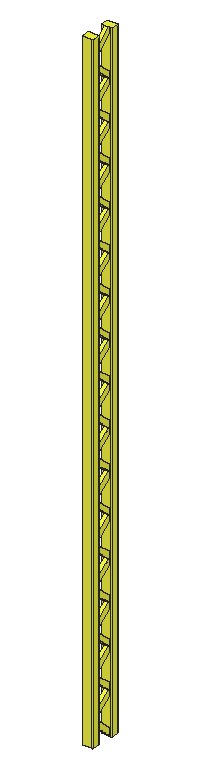
Revit family "GT24Grider4800", category Structural Framing, Revit 2019
Family settings
  Structural Framing Length Roundoff = 0 mm
  Section Shape = Not Defined
  Material for Model Behavior = Other
  Always export as geometry = No
  Work Plane-Based = No
  Always vertical = No
  Cut with Voids When Loaded = No
  Symbolic Representation = From Family
  Shared = No
  Show family pre-cut in plan views = Yes
Parameters
  Structural Material [instance] = Wood 1
Reference planes
  plane 1 "Center (Front/Back)": y = 0
  plane 2: z = 0
  plane 3 "Center (Left/Right)": x = 0
Forms (mm)
  Extrusion 1, solid, material "Wood 1"
    sketch origin (-40, 60, 0) x (1, 0, 0) y (0, 1, 0)
      loop
        line (5, 0) -> (75, 0)
        arc (75, 0) -> (78.536, 1.464) -> (80, 5) r 5
        line (80, 5) -> (80, 55)
        arc (80, 55) -> (78.536, 58.536) -> (75, 60) r 5
        line (75, 60) -> (5, 60)
        arc (5, 60) -> (1.464, 58.536) -> (0, 55) r 5
        line (0, 55) -> (0, 5)
        arc (0, 5) -> (1.464, 1.464) -> (5, 0) r 5
    from 0 to 4800
  Extrusion 2, solid, material "Wood 1"
    sketch origin (-40, -60, 0) x (1, 0, 0) y (0, 1, 0)
      loop
        arc (5, 0) -> (1.464, -1.464) -> (0, -5) r 5
        line (0, -5) -> (0, -55)
        arc (0, -55) -> (1.464, -58.536) -> (5, -60) r 5
        line (5, -60) -> (75, -60)
        arc (75, -60) -> (78.536, -58.536) -> (80, -55) r 5
        line (80, -55) -> (80, -5)
        arc (80, -5) -> (78.536, -1.464) -> (75, 0) r 5
        line (75, 0) -> (5, 0)
    from 0 to 4800
  Extrusion 3, solid, material "Wood 1"
    sketch origin (0, 0, 0) x (0, 1, 0) y (0, 0, 1)
      loop
        line (60, 261) -> (60, 311) -> (-60, 213) -> (-60, 163) -> (60, 261)
    from -14 to 14
  Extrusion 4, solid, material "Wood 1"
    sketch origin (0, 0, 622) x (0, 1, 0) y (0, 0, 1)
      loop
        line (60, -261) -> (-60, -163) -> (-60, -213) -> (60, -311) -> (60, -261)
    from -14 to 14
  Extrusion 5, solid, material "Wood 1"
    sketch origin (0, 0, 296) x (0, 1, 0) y (0, 0, 1)
      loop
        line (60, 261) -> (60, 311) -> (-60, 213) -> (-60, 163) -> (60, 261)
    from -14 to 14
  Extrusion 6, solid, material "Wood 1"
    sketch origin (0, 0, 592) x (0, 1, 0) y (0, 0, 1)
      loop
        line (60, 261) -> (60, 311) -> (-60, 213) -> (-60, 163) -> (60, 261)
    from -14 to 14
  Extrusion 7, solid, material "Wood 1"
    sketch origin (0, 0, 888) x (0, 1, 0) y (0, 0, 1)
      loop
        line (60, 261) -> (60, 311) -> (-60, 213) -> (-60, 163) -> (60, 261)
    from -14 to 14
  Extrusion 8, solid, material "Wood 1"
    sketch origin (0, 0, 1184) x (0, 1, 0) y (0, 0, 1)
      loop
        line (60, 261) -> (60, 311) -> (-60, 213) -> (-60, 163) -> (60, 261)
    from -14 to 14
  Extrusion 9, solid, material "Wood 1"
    sketch origin (0, 0, 1480) x (0, 1, 0) y (0, 0, 1)
      loop
        line (60, 261) -> (60, 311) -> (-60, 213) -> (-60, 163) -> (60, 261)
    from -14 to 14
  Extrusion 10, solid, material "Wood 1"
    sketch origin (0, 0, 1776) x (0, 1, 0) y (0, 0, 1)
      loop
        line (60, 261) -> (60, 311) -> (-60, 213) -> (-60, 163) -> (60, 261)
    from -14 to 14
  Extrusion 11, solid, material "Wood 1"
    sketch origin (0, 0, 4472) x (0, 1, 0) y (0, 0, 1)
      loop
        line (60, 278) -> (60, 328) -> (-60, 213) -> (-60, 163) -> (60, 278)
    from -14 to 14
  Extrusion 12, solid, material "Wood 1"
    sketch origin (0, 0, 918) x (0, 1, 0) y (0, 0, 1)
      loop
        line (60, -261) -> (-60, -163) -> (-60, -213) -> (60, -311) -> (60, -261)
    from -14 to 14
  Extrusion 13, solid, material "Wood 1"
    sketch origin (0, 0, 1214) x (0, 1, 0) y (0, 0, 1)
      loop
        line (60, -261) -> (-60, -163) -> (-60, -213) -> (60, -311) -> (60, -261)
    from -14 to 14
  Extrusion 14, solid, material "Wood 1"
    sketch origin (0, 0, 1510) x (0, 1, 0) y (0, 0, 1)
      loop
        line (60, -261) -> (-60, -163) -> (-60, -213) -> (60, -311) -> (60, -261)
    from -14 to 14
  Extrusion 15, solid, material "Wood 1"
    sketch origin (0, 0, 1806) x (0, 1, 0) y (0, 0, 1)
      loop
        line (60, -261) -> (-60, -163) -> (-60, -213) -> (60, -311) -> (60, -261)
    from -14 to 14
  Extrusion 16, solid, material "Wood 1"
    sketch origin (0, 0, 2102) x (0, 1, 0) y (0, 0, 1)
      loop
        line (60, -261) -> (-60, -163) -> (-60, -213) -> (60, -311) -> (60, -261)
    from -14 to 14
  Extrusion 17, solid, material "Wood 1"
    sketch origin (0, 0, 2398) x (0, 1, 0) y (0, 0, 1)
      loop
        line (60, -261) -> (-60, -163) -> (-60, -213) -> (60, -311) -> (60, -261)
    from -14 to 14
  Extrusion 18, solid, material "Wood 1"
    sketch origin (0, 0, 326) x (0, 1, 0) y (0, 0, 1)
      loop
        line (60, -326) -> (60, -276) -> (-60, -163) -> (-60, -213) -> (60, -326)
    from -14 to 14
  Extrusion 19, solid, material "Wood 1"
    sketch origin (0, 0, 2072) x (0, 1, 0) y (0, 0, 1)
      loop
        line (60, 261) -> (60, 311) -> (-60, 213) -> (-60, 163) -> (60, 261)
    from -14 to 14
  Extrusion 20, solid, material "Wood 1"
    sketch origin (0, 0, 2694) x (0, 1, 0) y (0, 0, 1)
      loop
        line (60, -261) -> (-60, -163) -> (-60, -213) -> (60, -311) -> (60, -261)
    from -14 to 14
  Extrusion 21, solid, material "Wood 1"
    sketch origin (0, 0, 2368) x (0, 1, 0) y (0, 0, 1)
      loop
        line (60, 261) -> (60, 311) -> (-60, 213) -> (-60, 163) -> (60, 261)
    from -14 to 14
  Extrusion 22, solid, material "Wood 1"
    sketch origin (0, 0, 2990) x (0, 1, 0) y (0, 0, 1)
      loop
        line (60, -261) -> (-60, -163) -> (-60, -213) -> (60, -311) -> (60, -261)
    from -14 to 14
  Extrusion 23, solid, material "Wood 1"
    sketch origin (0, 0, 2664) x (0, 1, 0) y (0, 0, 1)
      loop
        line (60, 261) -> (60, 311) -> (-60, 213) -> (-60, 163) -> (60, 261)
    from -14 to 14
  Extrusion 24, solid, material "Wood 1"
    sketch origin (0, 0, 3286) x (0, 1, 0) y (0, 0, 1)
      loop
        line (60, -261) -> (-60, -163) -> (-60, -213) -> (60, -311) -> (60, -261)
    from -14 to 14
  Extrusion 25, solid, material "Wood 1"
    sketch origin (0, 0, 2960) x (0, 1, 0) y (0, 0, 1)
      loop
        line (60, 261) -> (60, 311) -> (-60, 213) -> (-60, 163) -> (60, 261)
    from -14 to 14
  Extrusion 26, solid, material "Wood 1"
    sketch origin (0, 0, 3582) x (0, 1, 0) y (0, 0, 1)
      loop
        line (60, -261) -> (-60, -163) -> (-60, -213) -> (60, -311) -> (60, -261)
    from -14 to 14
  Extrusion 27, solid, material "Wood 1"
    sketch origin (0, 0, 3256) x (0, 1, 0) y (0, 0, 1)
      loop
        line (60, 261) -> (60, 311) -> (-60, 213) -> (-60, 163) -> (60, 261)
    from -14 to 14
  Extrusion 28, solid, material "Wood 1"
    sketch origin (0, 0, 3878) x (0, 1, 0) y (0, 0, 1)
      loop
        line (60, -261) -> (-60, -163) -> (-60, -213) -> (60, -311) -> (60, -261)
    from -14 to 14
  Extrusion 29, solid, material "Wood 1"
    sketch origin (0, 0, 3552) x (0, 1, 0) y (0, 0, 1)
      loop
        line (60, 261) -> (60, 311) -> (-60, 213) -> (-60, 163) -> (60, 261)
    from -14 to 14
  Extrusion 30, solid, material "Wood 1"
    sketch origin (0, 0, 4174) x (0, 1, 0) y (0, 0, 1)
      loop
        line (60, -261) -> (-60, -163) -> (-60, -213) -> (60, -311) -> (60, -261)
    from -14 to 14
  Extrusion 31, solid, material "Wood 1"
    sketch origin (0, 0, 3848) x (0, 1, 0) y (0, 0, 1)
      loop
        line (60, 261) -> (60, 311) -> (-60, 213) -> (-60, 163) -> (60, 261)
    from -14 to 14
  Extrusion 32, solid, material "Wood 1"
    sketch origin (0, 0, 4470) x (0, 1, 0) y (0, 0, 1)
      loop
        line (60, -261) -> (-60, -163) -> (-60, -213) -> (60, -311) -> (60, -261)
    from -14 to 14
  Extrusion 33, solid, material "Wood 1"
    sketch origin (0, 0, 4144) x (0, 1, 0) y (0, 0, 1)
      loop
        line (60, 261) -> (60, 311) -> (-60, 213) -> (-60, 163) -> (60, 261)
    from -14 to 14
  Extrusion 34, solid, material "Wood 1"
    sketch origin (0, 0, 4766) x (0, 1, 0) y (0, 0, 1)
      loop
        line (60, -261) -> (-60, -163) -> (-60, -213) -> (60, -311) -> (60, -261)
    from -14 to 14
Cuts and joins
  joined: Extrusion 1, Extrusion 2, Extrusion 3, Extrusion 4, Extrusion 5, Extrusion 6, Extrusion 7, Extrusion 8, Extrusion 9, Extrusion 10, Extrusion 11, Extrusion 12, Extrusion 13, Extrusion 14, Extrusion 15, Extrusion 16, Extrusion 17, Extrusion 18, Extrusion 19, Extrusion 20, Extrusion 21, Extrusion 22, Extrusion 23, Extrusion 24, Extrusion 25, Extrusion 26, Extrusion 27, Extrusion 28, Extrusion 29, Extrusion 30, Extrusion 31, Extrusion 32, Extrusion 33, Extrusion 34
Dimensions and locks
  Extrusion 1 to Extrusion 2 = 240 mm
  aligned and locked: level to plane 2
